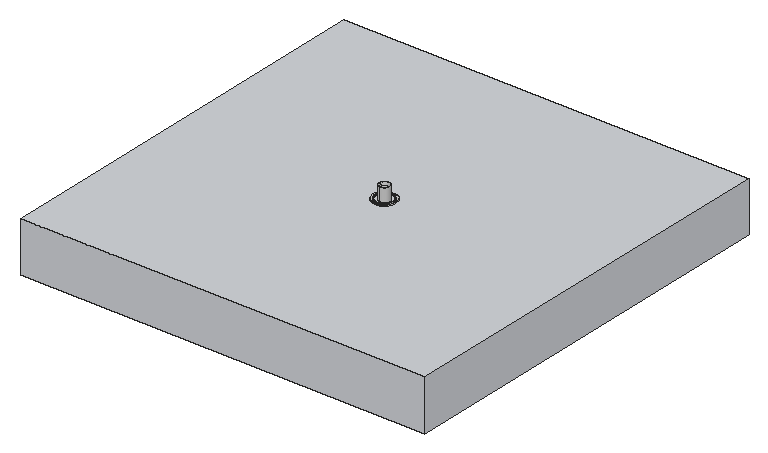
Revit family "LAMP_HANCE DOWNLIGHT SEMIRECESSED SPOT 1000_2000", category Modelos genéricos, Revit 2015
Parameters (values of type "710LM 4000K 1000 BLACK")
  Weight = 0.79 kg
  Aro 3000/4000 = no
  Aro 1000/2000 = yes
  Type = "COB PHILIPS"
  Tilting [instance] = if(Tilt < 0.00°, 180.00°, if(Tilt > 85.00°, 265.00°, Tilt + 180.00°))  # 180.00°
  Tilt [instance] = 0.00°
  Recessed diameter = 132 mm
  Protection rating = "IP20"
  Product datasheet = "http://www.lamp.es/product-files/TECH/HD1SR10SP840NBB-EN.pdf"
  Product code = "HD1SR10SP840NBB"
  Product URL = "https://www.lamp.es/en/family/hance-downlight_196363"
  Power Supply = "220-240V 50/60Hz"
  Power = 7 W
  Plum = 7.6 W
  Photometric web file = Cuerpo Hance BASE (tilting)_SP : 710LM 4000K 1000 BLACK
  Modelo = Product code  # "HD1SR10SP840NBB"
  Model explanation = "Availability of tilting between 0º and 85º when placed in a project."
  Material interior aro = LAMP_Aluminio Hance Negro
  Material aro = LAMP_Aluminio Hance Negro
  Manufacturer name = "LAMP"
  Manufacturer country = "Spain"
  Manufacturer URL = "http://www.lamp.es/en"
  MacAdam = "3"
  Luminaire type = "Indoor - Recessed downlight"
  Last update = "22/11/2019"
  Lamp = "COB LED"
  LED Lifetime = "50.000 L90 B10"
  Insulation class = "II"
  Installation instructions = "https://www.lamp.es/product-files/INS/1004410-B-INSTR.%20DE%20MONTAJE%20HANCE%20DOWNLIGHT.pdf"
  Initial intensity = 710 lm
  Initial color = 4000 K
  IEE = "A+"
  Gear = "Electronic"
  Finish = "Texturised white RAL 9010"
  Fabricante = Manufacturer name  # "LAMP"
  Default Elevation = 1219.2 mm
  Efficacy = 93.42 lm/W
  Radio aro exterior = 35.7 mm
  Diameter = 143 mm
  Descripción = "HANCE DOWN SEMIREC 1000 NW SP BK."
  Decorative ring [instance] = Aro decorativo (tilting) : Black
  Comentarios de tipo = Model explanation  # "Availability of tilting between 0º and 85º when placed in a project."
  CRI = "80"
Types (8, lengths in mm): name | Product datasheet | Product code | Power | Plum | Photometric web file | Modelo | Material aro | LED Lifetime | Initial intensity | Initial color | IEE | Finish | Efficacy | Descripción
  710LM 4000K 1000 BLACK | "http://www.lamp.es/product-files/TECH/HD1SR10SP840NBB-EN.pdf" | "HD1SR10SP840NBB" | 7 W | 7.6 W | Cuerpo Hance BASE (tilting)_SP : 710LM 4000K 1000 BLACK | "HD1SR10SP840NBB" | LAMP_Aluminio Hance Negro | "50.000 L90 B10" | 710 lm | 4000 K | "A+" | "Texturised white RAL 9010" | 93.42 lm/W | "HANCE DOWN SEMIREC 1000 NW SP BK."
  710LM 4000K 1000 WHITE | "http://www.lamp.es/product-files/TECH/HD1SR10SP840NBW-EN.pdf" | "HD1SR10SP840NBW" | 7 W | 7.6 W | Cuerpo Hance BASE (tilting)_SP : 710LM 4000K 1000 WHITE | "HD1SR10SP840NBW" | LAMP_Aluminio Hance Blanco | "50.000 L90 B10" | 710 lm | 4000 K | "A+" | "Texturised black RAL 9011" | 93.42 lm/W | "HANCE DOWN SEMIREC 1000 NW SP WH."
  773LM 3000K 1000 BLACK | "http://www.lamp.es/product-files/TECH/HD1SR10SP830NBB-EN.pdf" | "HD1SR10SP830NBB" | 7 W | 7.7 W | Cuerpo Hance BASE (tilting)_SP : 773LM 3000K 1000 BLACK | "HD1SR10SP830NBB" | LAMP_Aluminio Hance Negro | "50.000 L90 B10" | 773 lm | 3000 K | "A+" | "Texturised white RAL 9010" | 100.42 lm/W | "HANCE DOWN SEMIREC 1000 WW SP BK."
  773LM 3000K 1000 WHITE | "http://www.lamp.es/product-files/TECH/HD1SR10SP830NBW-EN.pdf" | "HD1SR10SP830NBW" | 7 W | 7.7 W | Cuerpo Hance BASE (tilting)_SP : 773LM 3000K 1000 WHITE | "HD1SR10SP830NBW" | LAMP_Aluminio Hance Blanco | "50.000 L90 B10" | 773 lm | 3000 K | "A+" | "Texturised black RAL 9011" | 100.42 lm/W | "HANCE DOWN SEMIREC 1000 WW SP WH."
  1644LM 4000K 2000 BLACK | "http://www.lamp.es/product-files/TECH/HD1SR20SP840NBB-EN.pdf" | "HD1SR20SP840NBB" | 18 W | 20.6 W | Cuerpo Hance BASE (tilting)_SP : 1644LM 4000K 2000 BLACK | "HD1SR20SP840NBB" | LAMP_Aluminio Hance Negro | "50.000 L80 B10" | 1644 lm | 4000 K | "A+" | "Texturised black RAL 9011" | 79.81 lm/W | "HANCE DOWN SEMIREC 2000 NW SP BK."
  1644LM 4000K 2000 WHITE | "http://www.lamp.es/product-files/TECH/HD1SR20SP840NBW-EN.pdf" | "HD1SR20SP840NBW" | 18 W | 20.6 W | Cuerpo Hance BASE (tilting)_SP : 1644LM 4000K 2000 WHITE | "HD1SR20SP840NBW" | LAMP_Aluminio Hance Blanco | "50.000 L80 B10" | 1644 lm | 4000 K | "A+" | "Texturised white RAL 9010" | 79.81 lm/W | "HANCE DOWN SEMIREC 2000 NW SP WH."
  1707LM 3000K 2000 BLACK | "http://www.lamp.es/product-files/TECH/HD1SR20SP830NBB-EN.pdf" | "HD1SR20SP830NBB" | 18 W | 20.7 W | Cuerpo Hance BASE (tilting)_SP : 1707LM 3000K 2000 BLACK | "HD1SR20SP830NBB" | LAMP_Aluminio Hance Negro | "50.000 L80 B10" | 1707 lm | 3000 K | "A" | "Texturised black RAL 9011" | 82.46 lm/W | "HANCE DOWN SEMIREC 2000 WW SP BK."
  1707LM 3000K 2000 WHITE | "http://www.lamp.es/product-files/TECH/HD1SR20SP830NBW-EN.pdf" | "HD1SR20SP830NBW" | 18 W | 20.7 W | Cuerpo Hance BASE (tilting)_SP : 1707LM 3000K 2000 WHITE | "HD1SR20SP830NBW" | LAMP_Aluminio Hance Blanco | "50.000 L80 B10" | 1707 lm | 3000 K | "A" | "Texturised white RAL 9010" | 82.46 lm/W | "HANCE DOWN SEMIREC 2000 WW SP WH."
Reference planes
  plane 1 "Centro (Frontal/Posterior)": y = 0
  plane 2: z = 0
  plane 3 "Centro (Izquierda/Derecha)": x = 0
Forms (mm)
  Extrusion 1, solid
    sketch origin (0, 0, 0) x (1, 0, 0) y (0, 1, 0)
      loop
        line (-1219.2, 1219.2) -> (-1219.2, -1219.2) -> (1219.2, -1219.2) -> (1219.2, 1219.2) -> (-1219.2, 1219.2)
    from 0 to -304.8
  Revolve 2, solid, material "LAMP_Aluminio Hance Negro" <- "Material aro"
    sketch origin (0, 0, 0) x (1, 0, 0) y (0, 0, 1)
      loop
        line (68.2, 0) -> (68.2, 1) -> (53.3, 1) -> (53.3, -38.896) -> (61.3, -38.896) -> (61.3, -37.896) -> (55.8, -37.896) -> (55.8, 0) -> (68.2, 0)
      axis (0, 1) -> (0, -38.896)
    angle from 0 to 360
  Revolve 3, solid, material "LAMP_Aluminio Hance Negro" <- "Material interior aro", visible <- "Aro 1000/2000"
    sketch origin (0, 0, 0) x (1, 0, 0) y (0, 0, 1)
      loop
        arc (51.874, -0.646) -> (51.598, -1.016) -> (51.498, -1.466) r 1.1
        arc (51.498, -1.466) -> (49.354, -17.889) -> (43.277, -33.297) r 67.535
        arc (43.277, -33.297) -> (42.922, -33.665) -> (42.43, -33.8) r 0.965
        line (42.43, -33.8) -> (0, -33.8) -> (0, -34.8) -> (42.43, -34.8)
        arc (42.43, -34.8) -> (42.922, -34.665) -> (43.277, -34.297) r 0.965
        arc (43.277, -34.297) -> (49.354, -18.889) -> (51.498, -2.466) r 67.535
        arc (51.498, -2.466) -> (51.598, -2.016) -> (51.874, -1.646) r 1.1
        arc (51.874, -1.646) -> (53.912, -0.425) -> (56.25, 0) r 6.641
        line (56.25, 0) -> (56.25, 1)
        arc (56.25, 1) -> (53.912, 0.575) -> (51.874, -0.646) r 6.641
      axis (0, 1) -> (0, -34.8)
    angle from 0 to 360
  Extrusion 4, void
    sketch origin (0, 0, 0) x (1, 0, 0) y (0, 1, 0)
      loop
        line (7.1, 33.5) -> (-7.105, 33.5)
        arc (-7.105, 33.5) -> (-40.605, 0) -> (-7.105, -33.5) r 33.5
        line (-7.105, -33.5) -> (7.1, -33.5)
        arc (7.1, -33.5) -> (40.6, 0) -> (7.1, 33.5) r 33.5
    from -41.216 to -28.478
Cuts and joins
  Extrusion 4 cuts Revolve 3
Text (mm)
  text "Any modification of the parameters and properties of the LAMP BIM models must be executed and validated by the LAMP technical department.\n\nPhone: +34 93 736 68 00\n\nE-mail: lamp@lamp.es\n\n\n\nLAMP reserves the right to modify the technical specifications of its products." at (39771.841, -40794.867, 40621.237), in view "Preview"
Dimensions and locks
  aligned and locked: plane 2 to Extrusion 1
  aligned and locked: level to Extrusion 1
Nested families
  nested 1: "Cuerpo Hance BASE (tilting)_SP" at (0, 1.967, 37.05), type <- "Photometric web file", type "710LM 4000K 1000 BLACK"
    with Tilting 180.00°
  nested 2: "Aro decorativo (tilting)" at (-27.9, 0, -17.52), type <- "Decorative ring", type "Black"
    with Tilting 0.00°
Connectors
  electrical at (-16.363, 0, -25.538)
    settings: on nested 1, index 1, voltage 230 V, apparent load 0 VA, apparent load phase1 0 VA, apparent load phase2 0 VA, apparent load phase3 0 VA, power factor 1, load classification "Otro", number of poles 1, system type 31, power factor state 1, is connector primary yes, connector utility no, sub classification motor no, connector description ""
Definition of nested family "Cuerpo Hance BASE (tilting)_SP"
  Parameters (values of type "710LM 4000K 1000 BLACK")
    Tilting = 90.00°
    Photometric web file = Cuerpo Hance BASE_SP : 710LM 4000K 1000 BLACK
    Longitud cuerpo = 100 mm
    Default Elevation = 1219.2 mm
  Types (17, lengths in mm): name | Photometric web file | Longitud cuerpo
    (no name) | Cuerpo Hance BASE_SP : 710LM 4000K 1000 BLACK | 100
    710LM 4000K 1000 BLACK | Cuerpo Hance BASE_SP : 710LM 4000K 1000 BLACK | 100
    710LM 4000K 1000 WHITE | Cuerpo Hance BASE_SP : 710LM 4000K 1000 WHITE | 100
    773LM 3000K 1000 BLACK | Cuerpo Hance BASE_SP : 773LM 3000K 1000 BLACK | 100
    773LM 3000K 1000 WHITE | Cuerpo Hance BASE_SP : 773LM 3000K 1000 WHITE | 100
    1644LM 4000K 2000 BLACK | Cuerpo Hance BASE_SP : 1644LM 4000K 2000 BLACK | 100
    1644LM 4000K 2000 WHITE | Cuerpo Hance BASE_SP : 1644LM 4000K 2000 WHITE | 100
    1707LM 3000K 2000 BLACK | Cuerpo Hance BASE_SP : 1707LM 3000K 2000 BLACK | 100
    1707LM 3000K 2000 WHITE | Cuerpo Hance BASE_SP : 1707LM 3000K 2000 WHITE | 100
    2656LM 4000K 3000 BLACK | Cuerpo Hance BASE_SP : 2656LM 4000K 3000 BLACK | 145
    2656LM 4000K 3000 WHITE | Cuerpo Hance BASE_SP : 2656LM 4000K 3000 WHITE | 145
    2788LM 3000K 3000 BLACK | Cuerpo Hance BASE_SP : 2788LM 3000K 3000 BLACK | 145
    2788LM 3000K 3000 WHITE | Cuerpo Hance BASE_SP : 2788LM 3000K 3000 WHITE | 145
    3518LM 4000K 4000 BLACK | Cuerpo Hance BASE_SP : 3518LM 4000K 4000 BLACK | 145
    3518LM 4000K 4000 WHITE | Cuerpo Hance BASE_SP : 3518LM 4000K 4000 WHITE | 145
    3660LM 3000K 4000 BLACK | Cuerpo Hance BASE_SP : 3660LM 3000K 4000 BLACK | 145
    3660LM 3000K 4000 WHITE | Cuerpo Hance BASE_SP : 3660LM 3000K 4000 WHITE | 145
  Reference planes
    plane 1 "Centro (Frontal/Posterior)": y = 0
    plane 2: z = 0
    plane 3 "Centro (Izquierda/Derecha)": x = 0
  Lines and regions (mm)
    reference lines
      curve 1: line (0, 0, 0) -> (200, 0, 0)
  Dimensions and locks
    "Tilting": angle plane 3 "Centro (Izquierda/Derecha)" to curve 1
    aligned and locked: level to plane 2
    aligned and locked: plane 3 "Centro (Izquierda/Derecha)" to curve 1
    aligned and locked: plane 2 to curve 1
  Nested families
    nested 1: "Cuerpo Hance BASE_SP" at (-21.588, -1.967, 27.875), type <- "Photometric web file", type "710LM 4000K 1000 BLACK"
  Definition of nested family "Cuerpo Hance BASE_SP"
    Parameters (values of type "710LM 4000K 1000 BLACK")
      Tilt Angle = 90.00° + Tilting  # 180.00°
      Wattage = 7.6 W
      Tilting = 90.00°
      built-in parameter 1150107 = 4000 (stored number, unit not read)
      Radio vacio posterior = Radio cuerpo - 2.2 mm  # 30.3 mm
      Radio vaciado = Radio cuerpo - 1.5 mm  # 31 mm
      Radio cuerpo = if(Longitud cuerpo = 145 mm, 45 mm, 32.5 mm)  # 32.5 mm
      built-in parameter 1150110 = 1 (stored number, unit not read)
      built-in parameter 1150109 = 1 (stored number, unit not read)
      built-in parameter 1150112 = 1 (stored number, unit not read)
      built-in parameter 1150113 = 1 (stored number, unit not read)
      built-in parameter 1114218 = 1 (stored number, unit not read)
      built-in parameter 1150137 = (empty or 0)
      built-in parameter 1150132 = 2
      Material reflector = none
      Material cuerpo = none
      Material COB = none
      Longitud cuerpo = 100 mm
      Long. origen luz = if(Longitud cuerpo = 100 mm, 20 mm, if(Longitud cuerpo = 170 mm, 55 mm, 90 mm))  # 20 mm
      L_3 = if(Ancho disipador posterior = 80.4 mm, 39.6 mm, 12 mm)  # 12 mm
      L_2 = if(Ancho disipador posterior = 80.4 mm, 36.3 mm, 22.6 mm)  # 22.6 mm
      L_1 = if(Ancho disipador posterior = 80.4 mm, 36.8 mm, 25.4 mm)  # 25.4 mm
      built-in parameter 1150105 = 56.487 (stored number, unit not read)
      built-in parameter 1150102 = (empty or 0)
      built-in parameter 1150106 = 0.56487 (stored number, unit not read)
      Lumens = 709.84 lm
      Color Filter = 16777215
      built-in parameter 1114217 = 1 (stored number, unit not read)
      built-in parameter 1150139 = (empty or 0)
      Default Elevation = 1219.2 mm
      built-in parameter 1150104 = 8.6771 (stored number, unit not read)
      Diametro aro = if(Radio cuerpo = 45 mm, 42.9 mm, 30.4 mm)  # 30.4 mm
      built-in parameter 1150115 = 1 (stored number, unit not read)
      built-in parameter 1150114 = 1 (stored number, unit not read)
      built-in parameter 1150138 = (empty or 0)
      built-in parameter 1150134 = 12
      Dimming Lamp Color Temperature Shift = (empty or 0)
      Photometric Web File = "HD1RE10SP840NBB.IES"
      Ancho vaciado reflector = if(Radio cuerpo = 45 mm, 34.4 mm, 21.9 mm)  # 21.9 mm
      Ancho reflector = if(Radio cuerpo = 45 mm, 35.4 mm, 22.9 mm)  # 22.9 mm
      Ancho disipador posterior = if(Radio cuerpo = 32.5 mm, 53 mm, 80.4 mm)  # 53 mm
      built-in parameter 1150133 = 10 (stored number, unit not read)
      Altura disipador superior = if(Radio cuerpo = 45 mm, 23.9 mm, 36.9 mm)  # 36.9 mm
      Ancho disipador superior = if(Radio cuerpo = 45 mm, 28 mm, 22.6 mm)  # 22.6 mm
    Types (16, lengths in mm): name | Wattage | built-in parameter 1150107 | Radio vacio posterior | Radio vaciado | Radio cuerpo | Longitud cuerpo | Long. origen luz | L_3 | L_2 | L_1 | built-in parameter 1150105 | built-in parameter 1150106 | Lumens | built-in parameter 1150104 | Diametro aro | built-in parameter 1150134 | Photometric Web File | Ancho vaciado reflector | Ancho reflector | Ancho disipador posterior | Altura disipador superior | Ancho disipador superior
      710LM 4000K 1000 BLACK | 7.6 W | 4000 (stored number, unit not read) | 30.3 | 31 | 32.5 | 100 | 20 | 12 | 22.6 | 25.4 | 56.487 (stored number, unit not read) | 0.56487 (stored number, unit not read) | 709.84 lm | 8.6771 (stored number, unit not read) | 30.4 | 12 | "HD1RE10SP840NBB.IES" | 21.9 | 22.9 | 53 | 36.9 | 22.6
      710LM 4000K 1000 WHITE | 7.6 W | 4000 (stored number, unit not read) | 30.3 | 31 | 32.5 | 100 | 20 | 12 | 22.6 | 25.4 | 4052.9 (stored number, unit not read) | 40.529 (stored number, unit not read) | 709.84 lm | 8.6771 (stored number, unit not read) | 30.4 | 12 | "HD1RE10SP840NBW.IES" | 21.9 | 22.9 | 53 | 36.9 | 22.6
      773LM 3000K 1000 BLACK | 7.7 W | 3000 (stored number, unit not read) | 30.3 | 31 | 32.5 | 100 | 20 | 12 | 22.6 | 25.4 | 4414.8 (stored number, unit not read) | 44.148 (stored number, unit not read) | 773.234 lm | 9.3293 (stored number, unit not read) | 30.4 | (empty or 0) | "HD1RE10SP830NBB.IES" | 21.9 | 22.9 | 53 | 36.9 | 22.6
      773LM 3000K 1000 WHITE | 7.7 W | 3000 (stored number, unit not read) | 30.3 | 31 | 32.5 | 100 | 20 | 12 | 22.6 | 25.4 | 4414.8 (stored number, unit not read) | 44.148 (stored number, unit not read) | 773.234 lm | 9.3293 (stored number, unit not read) | 30.4 | (empty or 0) | "HD1RE10SP830NBW.IES" | 21.9 | 22.9 | 53 | 36.9 | 22.6
      1644LM 4000K 2000 BLACK | 20.6 W | 4000 (stored number, unit not read) | 30.3 | 31 | 32.5 | 100 | 20 | 12 | 22.6 | 25.4 | 9386.9 (stored number, unit not read) | 93.869 (stored number, unit not read) | 1644.09 lm | 7.4146 (stored number, unit not read) | 30.4 | 12 | "HD1RE20SP840NBB.IES" | 21.9 | 22.9 | 53 | 36.9 | 22.6
      1644LM 4000K 2000 WHITE | 20.6 W | 4000 (stored number, unit not read) | 30.3 | 31 | 32.5 | 100 | 20 | 12 | 22.6 | 25.4 | 9386.9 (stored number, unit not read) | 93.869 (stored number, unit not read) | 1644.09 lm | 7.4146 (stored number, unit not read) | 30.4 | 12 | "HD1RE20SP840NBW.IES" | 21.9 | 22.9 | 53 | 36.9 | 22.6
      1707LM 3000K 2000 BLACK | 20.7 W | 3000 (stored number, unit not read) | 30.3 | 31 | 32.5 | 100 | 20 | 12 | 22.6 | 25.4 | 9500.4 (stored number, unit not read) | 95.004 (stored number, unit not read) | 1706.92 lm | 7.6608 (stored number, unit not read) | 30.4 | (empty or 0) | "HD1RE20SP830NBB.IES" | 21.9 | 22.9 | 53 | 36.9 | 22.6
      1707LM 3000K 2000 WHITE | 20.7 W | 3000 (stored number, unit not read) | 30.3 | 31 | 32.5 | 100 | 20 | 12 | 22.6 | 25.4 | 9500.4 (stored number, unit not read) | 95.004 (stored number, unit not read) | 1706.92 lm | 7.6608 (stored number, unit not read) | 30.4 | (empty or 0) | "HD1RE20SP830NBW.IES" | 21.9 | 22.9 | 53 | 36.9 | 22.6
      2656LM 4000K 3000 BLACK | 27.8 W | 4000 (stored number, unit not read) | 42.8 | 43.5 | 45 | 145 | 90 | 39.6 | 36.3 | 36.8 | 21509.2 (stored number, unit not read) | 215.09 (stored number, unit not read) | 2656.01 lm | 8.876 (stored number, unit not read) | 42.9 | 12 | "HD1RE30SP840NBB.IES" | 34.4 | 35.4 | 80.4 | 23.9 | 28
      2656LM 4000K 3000 WHITE | 27.8 W | 4000 (stored number, unit not read) | 42.8 | 43.5 | 45 | 145 | 90 | 39.6 | 36.3 | 36.8 | 21509.2 (stored number, unit not read) | 215.09 (stored number, unit not read) | 2656.01 lm | 8.876 (stored number, unit not read) | 42.9 | 12 | "HD1RE30SP840NBW.IES" | 34.4 | 35.4 | 80.4 | 23.9 | 28
      2788LM 3000K 3000 BLACK | 28.2 W | 3000 (stored number, unit not read) | 42.8 | 43.5 | 45 | 145 | 90 | 39.6 | 36.3 | 36.8 | 22576.9 (stored number, unit not read) | 225.77 (stored number, unit not read) | 2787.85 lm | 9.1844 (stored number, unit not read) | 42.9 | (empty or 0) | "HD1RE30SP830NBB.IES" | 34.4 | 35.4 | 80.4 | 23.9 | 28
      2788LM 3000K 3000 WHITE | 28.2 W | 3000 (stored number, unit not read) | 42.8 | 43.5 | 45 | 145 | 90 | 39.6 | 36.3 | 36.8 | 22576.9 (stored number, unit not read) | 225.77 (stored number, unit not read) | 2787.85 lm | 9.1844 (stored number, unit not read) | 42.9 | (empty or 0) | "HD1RE30SP830NBW.IES" | 34.4 | 35.4 | 80.4 | 23.9 | 28
      3518LM 4000K 4000 BLACK | 37.6 W | 4000 (stored number, unit not read) | 42.8 | 43.5 | 45 | 145 | 90 | 39.6 | 36.3 | 36.8 | 28485.6 (stored number, unit not read) | 284.86 (stored number, unit not read) | 3517.48 lm | 8.6911 (stored number, unit not read) | 42.9 | 12 | "HD1RE40SP830NBB.IES" | 34.4 | 35.4 | 80.4 | 23.9 | 28
      3518LM 4000K 4000 WHITE | 37.6 W | 4000 (stored number, unit not read) | 42.8 | 43.5 | 45 | 145 | 90 | 39.6 | 36.3 | 36.8 | 28485.6 (stored number, unit not read) | 284.86 (stored number, unit not read) | 3517.48 lm | 8.6911 (stored number, unit not read) | 42.9 | 12 | "HD1RE40SP830NBW.IES" | 34.4 | 35.4 | 80.4 | 23.9 | 28
      3660LM 3000K 4000 BLACK | 37.6 W | 3000 (stored number, unit not read) | 42.8 | 43.5 | 45 | 145 | 90 | 39.6 | 36.3 | 36.8 | 24069.5 (stored number, unit not read) | 240.7 (stored number, unit not read) | 3659.98 lm | 9.0432 (stored number, unit not read) | 42.9 | (empty or 0) | "HD1RE40SP840NBB.IES" | 34.4 | 35.4 | 80.4 | 23.9 | 28
      3660LM 3000K 4000 WHITE | 37.6 W | 3000 (stored number, unit not read) | 42.8 | 43.5 | 45 | 145 | 90 | 39.6 | 36.3 | 36.8 | 24069.5 (stored number, unit not read) | 240.7 (stored number, unit not read) | 3659.98 lm | 9.0432 (stored number, unit not read) | 42.9 | (empty or 0) | "HD1RE40SP840NBW.IES" | 34.4 | 35.4 | 80.4 | 23.9 | 28
    Reference planes
      plane 1 "Centro (Frontal/Posterior)": y = 0
      plane 2: z = 0
      plane 3 "Centro (Izquierda/Derecha)": x = 0
    Forms (mm)
      Extrusion 1, solid, material <- "Material cuerpo"
        sketch origin (0, 0, 0) x (0, -1, 0) y (0, 0, 1)
          loop
            circle (0, -27.875) r 32.5
        from -58 to 42
      Extrusion 2, void
        sketch origin (0, 0, 0) x (0, 1, 0) y (0, 0, 1)
          loop
            line (11.3, 30) -> (-11.3, 30) -> (-11.3, -6.9)
            arc (-11.3, -6.9) -> (0, -7.855) -> (11.3, -6.9) r 67.349
            line (11.3, -6.9) -> (11.3, 30)
        from -42 to 9.4
      Extrusion 3, void
        sketch origin (0, 0, 0) x (0, 1, 0) y (0, 0, 1)
          loop
            circle (0, -27.875) r 30.3
        from -42 to -41
      Extrusion 4, void
        sketch origin (0, 0, 0) x (0, 1, 0) y (0, 0, 1)
          loop
            line (26.5, -26.291) -> (-26.5, -26.291)
            arc (-26.5, -26.291) -> (-27.7, -27.491) -> (-26.5, -28.691) r 1.2
            line (-26.5, -28.691) -> (26.5, -28.691)
            arc (26.5, -28.691) -> (27.7, -27.491) -> (26.5, -26.291) r 1.2
          loop
            line (26.115, -30.891) -> (-26.115, -30.891)
            arc (-26.115, -30.891) -> (-27.315, -32.091) -> (-26.115, -33.291) r 1.2
            line (-26.115, -33.291) -> (26.115, -33.291)
            arc (26.115, -33.291) -> (27.315, -32.091) -> (26.115, -30.891) r 1.2
          loop
            line (25.4, -35.55) -> (-24.915, -35.55)
            arc (-24.915, -35.55) -> (-26.115, -36.75) -> (-24.915, -37.95) r 1.2
            line (-24.915, -37.95) -> (25.4, -37.95)
            arc (25.4, -37.95) -> (26.6, -36.75) -> (25.4, -35.55) r 1.2
          loop
            line (22.6, -40.091) -> (-22.64, -40.091)
            arc (-22.64, -40.091) -> (-23.84, -41.291) -> (-22.64, -42.491) r 1.2
            line (-22.64, -42.491) -> (22.6, -42.491)
            arc (22.6, -42.491) -> (23.8, -41.291) -> (22.6, -40.091) r 1.2
          loop
            line (19.043, -44.691) -> (-19.086, -44.691)
            arc (-19.086, -44.691) -> (-20.286, -45.891) -> (-19.086, -47.091) r 1.2
            line (-19.086, -47.091) -> (19.043, -47.091)
            arc (19.043, -47.091) -> (20.243, -45.891) -> (19.043, -44.691) r 1.2
          loop
            line (15.357, -49.291) -> (-15.5, -49.291)
            arc (-15.5, -49.291) -> (-16.6, -50.391) -> (-15.5, -51.491) r 1.1
            line (-15.5, -51.491) -> (15.357, -51.491)
            arc (15.357, -51.491) -> (16.457, -50.391) -> (15.357, -49.291) r 1.1
          loop
            line (6, -53.691) -> (-6, -53.691)
            arc (-6, -53.691) -> (-7.1, -54.791) -> (-6, -55.891) r 1.1
            line (-6, -55.891) -> (6, -55.891)
            arc (6, -55.891) -> (7.1, -54.791) -> (6, -53.691) r 1.1
        from -42 to -38.7
      Extrusion 5, void
        sketch origin (0, 0, 0) x (-1, 0, 0) y (0, -1, 0)
          loop
            line (37.7, -9.12) -> (37.7, 9.12)
            arc (37.7, 9.12) -> (36.6, 10.22) -> (35.5, 9.12) r 1.1
            line (35.5, 9.12) -> (35.5, -9.12)
            arc (35.5, -9.12) -> (36.6, -10.22) -> (37.7, -9.12) r 1.1
          loop
            line (28.9, -9.12) -> (28.9, 9.12)
            arc (28.9, 9.12) -> (27.8, 10.22) -> (26.7, 9.12) r 1.1
            line (26.7, 9.12) -> (26.7, -9.12)
            arc (26.7, -9.12) -> (27.8, -10.22) -> (28.9, -9.12) r 1.1
          loop
            line (20.1, -9.12) -> (20.1, 9.12)
            arc (20.1, 9.12) -> (19, 10.22) -> (17.9, 9.12) r 1.1
            line (17.9, 9.12) -> (17.9, -9.12)
            arc (17.9, -9.12) -> (19, -10.22) -> (20.1, -9.12) r 1.1
        from -51.491 to 30
      Extrusion 6, void
        sketch origin (0, 0, 0) x (-1, 0, 0) y (0, -1, 0)
          loop
            line (33.3, -9.12) -> (33.3, 9.12)
            arc (33.3, 9.12) -> (32.2, 10.22) -> (31.1, 9.12) r 1.1
            line (31.1, 9.12) -> (31.1, -9.12)
            arc (31.1, -9.12) -> (32.2, -10.22) -> (33.3, -9.12) r 1.1
          loop
            line (24.5, -9.12) -> (24.5, 9.12)
            arc (24.5, 9.12) -> (23.4, 10.22) -> (22.3, 9.12) r 1.1
            line (22.3, 9.12) -> (22.3, -9.12)
            arc (22.3, -9.12) -> (23.4, -10.22) -> (24.5, -9.12) r 1.1
        from -8.232 to 30
      Extrusion 7, void
        sketch origin (0, 0, 0) x (0, 1, 0) y (0, 0, 1)
          loop
            circle (0, -27.875) r 31
        from 17.213 to 58
      Revolve 8, solid, material <- "Material reflector"
        sketch origin (0, 0, 0) x (1, 0, 0) y (0, 0, 1)
          loop
            line (25.5, -27.875) -> (45.818, -27.875) -> (45.818, -4.975) -> (25.5, -19.875) -> (25.5, -27.875)
          axis (25.5, -27.875) -> (45.818, -27.875)
        angle from 0 to 360
      Revolve 9, void
        sketch origin (0, 0, 0) x (1, 0, 0) y (0, 0, 1)
          loop
            line (45.818, -5.975) -> (26.5, -20.142) -> (25.5, -20.142) -> (25.5, -27.875) -> (26.5, -27.875) -> (45.818, -27.875) -> (45.818, -5.975)
          axis (45.818, -27.875) -> (25.5, -27.875)
        angle from 0 to 360
      Extrusion 10, solid, material <- "Material COB"
        sketch origin (0, 0, 0) x (0, -1, 0) y (0, 0, 1)
          loop
            circle (0, -27.875) r 7.733
        from -26.5 to -25.5
    Cuts and joins
      Extrusion 2, Extrusion 3, Extrusion 4, Extrusion 5, Extrusion 6, Extrusion 7 cuts Extrusion 1
      Revolve 9 cuts Revolve 8
    Lines and regions (mm)
      reference lines
        curve 1: line (0, 0, 0) -> (178.042, 0, 0)
        curve 2: line (93, 0, -27.875) -> (113, 0, -27.875)
        curve 3: line (0, 0, 0) -> (0, 0, -75)
        curve 4: line (93, 0, -22.875) -> (93, 0, -32.875)
    Text (mm)
      text "Any modification of the parameters and properties of the LAMP BIM models must be executed and validated by the LAMP technical department.\n\nPhone: +34 93 736 68 00\n\nE-mail: lamp@lamp.es\n\n\n\nLAMP reserves the right to modify the technical specifications of its products." at (97482.136, -81600.41, 57308.082), in view "Preview"
    Dimensions and locks
      locked: Revolve 9 sketch curve to cut or joined group of Extrusion 1, Extrusion 2, Extrusion 3, Extrusion 4, Extrusion 5, Extrusion 6, Extrusion 7 at 12.182
      "Longitud cuerpo": cut or joined group of Extrusion 1, Extrusion 2, Extrusion 3, Extrusion 4, Extrusion 5, Extrusion 6, Extrusion 7 to cut or joined group of Extrusion 1, Extrusion 2, Extrusion 3, Extrusion 4, Extrusion 5, Extrusion 6, Extrusion 7
      locked: cut or joined group of Extrusion 1, Extrusion 2, Extrusion 3, Extrusion 4, Extrusion 5, Extrusion 6, Extrusion 7 to curve 3 at 42
      locked: cut or joined group of Revolve 8, Revolve 9 to cut or joined group of Extrusion 1, Extrusion 2, Extrusion 3, Extrusion 4, Extrusion 5, Extrusion 6, Extrusion 7 at 12.182
      locked: cut or joined group of Revolve 8, Revolve 9 to cut or joined group of Revolve 8, Revolve 9 at 20.318
      locked: cut or joined group of Extrusion 1, Extrusion 2, Extrusion 3, Extrusion 4, Extrusion 5, Extrusion 6, Extrusion 7 to Extrusion 10 at 31.5
      locked: Extrusion 10 to Extrusion 10 at 1
      "Long. origen luz": curve 4 to curve 2
      equal spacing: Extrusion 4 sketch curve, plane 1 "Centro (Frontal/Posterior)", Extrusion 4 sketch curve  (x2)
      "Ancho disipador posterior": Extrusion 4 sketch curve to Extrusion 4 sketch curve
      "L_1": Extrusion 4 sketch curve to plane 1 "Centro (Frontal/Posterior)"
      "L_2": Extrusion 4 sketch curve to curve 3
      "L_3": Extrusion 4 sketch curve to Extrusion 4 sketch curve
      equal spacing: Extrusion 2 sketch curve, plane 1 "Centro (Frontal/Posterior)", Extrusion 2 sketch curve
      "Ancho disipador superior": Extrusion 2 sketch curve to Extrusion 2 sketch curve
      "Altura disipador superior": Extrusion 2 sketch curve to Extrusion 2 sketch curve
      locked: plane 2 to Extrusion 2 sketch curve at 30
      "Ancho reflector": Revolve 8 sketch curve to imposter light
      "Ancho vaciado reflector": Revolve 9 sketch curve to imposter light
      "Radio cuerpo": radius of Extrusion 1 sketch curve
      "Radio vaciado": radius of Extrusion 7 sketch curve
      "Radio vacio posterior": radius of Extrusion 3 sketch curve
      "Tilting": angle plane 3 "Centro (Izquierda/Derecha)" to curve 1
      aligned and locked: level to plane 2
      aligned and locked: imposter light to curve 2  (x2)
      aligned and locked: cut or joined group of Extrusion 1, Extrusion 2, Extrusion 3, Extrusion 4, Extrusion 5, Extrusion 6, Extrusion 7 to cut or joined group of Extrusion 1, Extrusion 2, Extrusion 3, Extrusion 4, Extrusion 5, Extrusion 6, Extrusion 7
    Automatic sketch dimensions
      curve 1 to Extrusion 5 sketch curve = 17.9 mm
      Extrusion 5 sketch curve to Extrusion 5 sketch curve = 1.1 mm  (x3)
      Extrusion 5 sketch curve to Extrusion 5 sketch curve = 6.6 mm  (x2)
      Extrusion 5 sketch curve to curve 1 = 9.12 mm  (x2)
      Extrusion 5 sketch curve to Extrusion 5 sketch curve = 0 mm  (x3)
      curve 1 to Extrusion 5 sketch curve = 9.12 mm
      curve 1 to Extrusion 6 sketch curve = 22.3 mm
      Extrusion 6 sketch curve to Extrusion 6 sketch curve = 1.1 mm  (x2)
      Extrusion 6 sketch curve to Extrusion 6 sketch curve = 6.6 mm
      Extrusion 6 sketch curve to curve 1 = 9.12 mm
      Extrusion 6 sketch curve to Extrusion 6 sketch curve = 0 mm  (x2)
      curve 1 to Extrusion 6 sketch curve = 9.12 mm
      Extrusion 10 sketch curve to plane 1 "Centro (Frontal/Posterior)" = 0 mm
      Extrusion 1 sketch curve to plane 1 "Centro (Frontal/Posterior)" = 0 mm
      Extrusion 1 sketch curve to level = 27.875 mm
      Extrusion 2 sketch curve to plane 1 "Centro (Frontal/Posterior)" = 0 mm
      Extrusion 2 sketch curve to Extrusion 2 sketch curve = 29.494 mm
      Extrusion 3 sketch curve to plane 1 "Centro (Frontal/Posterior)" = 0 mm
      Extrusion 3 sketch curve to level = 27.875 mm
      Extrusion 4 sketch curve to Extrusion 4 sketch curve = 0.385 mm  (x2)
      Extrusion 4 sketch curve to Extrusion 4 sketch curve = 1.2 mm  (x6)
      Extrusion 4 sketch curve to Extrusion 4 sketch curve = 2.276 mm
      Extrusion 4 sketch curve to Extrusion 4 sketch curve = 3.554 mm
      Extrusion 4 sketch curve to Extrusion 4 sketch curve = 3.586 mm
      Extrusion 4 sketch curve to Extrusion 4 sketch curve = 9.357 mm
      Extrusion 4 sketch curve to Extrusion 4 sketch curve = 3.557 mm
      Extrusion 4 sketch curve to level = 55.891 mm
      Extrusion 4 sketch curve to Extrusion 4 sketch curve = 1.1 mm  (x2)
      Extrusion 4 sketch curve to Extrusion 4 sketch curve = 2.2 mm  (x4)
      Extrusion 4 sketch curve to Extrusion 4 sketch curve = 2.141 mm
      Extrusion 4 sketch curve to Extrusion 4 sketch curve = 2.259 mm
      Extrusion 7 sketch curve to plane 1 "Centro (Frontal/Posterior)" = 0 mm
      Extrusion 7 sketch curve to level = 27.875 mm
      curve 1 to Revolve 8 sketch curve = 25.5 mm
      Revolve 8 sketch curve to Revolve 8 sketch curve = 20.318 mm
      curve 1 to Revolve 8 sketch curve = 19.875 mm
      Revolve 8 sketch curve to Revolve 8 sketch curve = 8 mm
      Revolve 8 sketch curve to Revolve 8 sketch curve = 0 mm  (x2)
      Revolve 8 sketch curve to Revolve 8 sketch curve = 9.682 mm
      Revolve 9 sketch curve to Revolve 9 sketch curve = 19.318 mm
      Revolve 9 sketch curve to Revolve 9 sketch curve = 0 mm  (x3)
      Revolve 9 sketch curve to Revolve 9 sketch curve = 1 mm
      curve 1 to Revolve 9 sketch curve = 20.142 mm
      Revolve 9 sketch curve to Revolve 9 sketch curve = 7.733 mm
      Revolve 9 sketch curve to Revolve 9 sketch curve = 9.682 mm
      curve 1 to level = 0 mm
      curve 1 to plane 3 "Centro (Izquierda/Derecha)" = 0 mm
      curve 3 to curve 1 = 0 mm  (x2)
      curve 3 to curve 1 = 75 mm
      curve 1 to curve 4 = 32.875 mm
      curve 4 to curve 1 = 85.042 mm
      curve 4 to curve 2 = 5 mm
      curve 2 to curve 4 = 5 mm
      radius of Extrusion 10 sketch curve = 7.733 mm
Definition of nested family "Aro decorativo (tilting)"
  Parameters (values of type "Copper")
    Weight (3000/4000) = 0.016 kg
    Weight (1000/2000) = 0.01 kg
    Tilting = 90.00°
    Product datasheet = ""
    Product code (3000/4000) = "HSRI90C"
    Product code (1000/2000) = "HSRI65C"
    Product URL = ""
    Model = ""
    Material aro = none
    Manufacturer name = "LAMP"
    Manufacturer country = "Spain"
    Manufacturer URL = "http://www.lamp.es/en"
    Longitud = 63.6 mm
    Last update = "21/05/2018"
    Installation instructions = ""
    Finish = "Metalized matt copper"
    Manufacturer = Manufacturer name  # "LAMP"
    Default Elevation = 1219.2 mm
    Diameter (3000/4000) = 90 mm
    Diameter (1000/2000) = 65 mm
    Description = ""
    Accessory Type = "Optic"
    3000/4000 Model = "HSRI90C"
    3000/4000 Description = "HANCE 3000/4000 ACC. RING DECO CO."
    1000/2000 Model = "HSRI65C"
    1000/2000 Description = "HANCE 1000/2000 ACC. RING DECO CO."
  Types (5, lengths in mm): name | Product code (3000/4000) | Product code (1000/2000) | Finish | 3000/4000 Model | 3000/4000 Description | 1000/2000 Model | 1000/2000 Description
    (no name) | "HSRI90C" | "HSRI65C" | "Metalized matt copper" | "HSRI90C" | "HANCE 3000/4000 ACC. RING DECO CO." | "HSRI65C" | "HANCE 1000/2000 ACC. RING DECO CO."
    Black | "HSRI90B" | "HSRI65B" | "Matt black" | "HSRI90B" | "HANCE 3000/4000 ACC. RING DECO BK." | "HSRI65B" | "HANCE 1000/2000 ACC. RING DECO BK."
    Copper | "HSRI90C" | "HSRI65C" | "Metalized matt copper" | "HSRI90C" | "HANCE 3000/4000 ACC. RING DECO CO." | "HSRI65C" | "HANCE 1000/2000 ACC. RING DECO CO."
    Grey | "HSRI90M" | "HSRI65M" | "Metalized matt silver" | "HSRI90M" | "HANCE 3000/4000 ACC. RING DECO MET." | "HSRI65M" | "HANCE 1000/2000 ACC. RING DECO MET."
    White | "HSRI90W" | "HSRI65W" | "Matt White" | "HSRI90W" | "HANCE 3000/4000 ACC. RING DECO WH." | "HSRI65W" | "HANCE 1000/2000 ACC. RING DECO WH."
  Reference planes
    plane 1 "Centro (Frontal/Posterior)": y = 0
    plane 2: z = 0
    plane 3 "Centro (Izquierda/Derecha)": x = 0
  Lines and regions (mm)
    reference lines
      curve 1: line (0, 0, 0) -> (0, 0, -27.9)
      curve 2: line (0, 0, -27.9) -> (80.8, 0, -27.9)
  Text (mm)
    text "Any modification of the parameters and properties of the LAMP BIM models must be executed and validated by the LAMP technical department.\n\nPhone: +34 93 736 68 00\n\nE-mail: lamp@lamp.es\n\n\n\nLAMP reserves the right to modify the technical specifications of its products." at (86527.204, -96597.187, 50741.736), in view "Preview"
  Dimensions and locks
    "Tilting": angle curve 1 to plane 2
    aligned and locked: level to plane 2
    aligned and locked: plane 3 "Centro (Izquierda/Derecha)" to curve 1
    aligned and locked: plane 2 to curve 1
  Automatic sketch dimensions
    curve 2 to curve 1 = 0 mm
    curve 1 to curve 2 = 0 mm
    curve 1 to curve 2 = 80.8 mm
  Nested families
    nested 1: "Aro decorativo" at (17.2, 0, 0), type "Copper"
  Definition of nested family "Aro decorativo"
    Parameters (values of type "Copper")
      Weight (3000/4000) = 0.016 kg
      Weight (1000/2000) = 0.01 kg
      Product datasheet = ""
      Product code (3000/4000) = "HSRI90C"
      Product code (1000/2000) = "HSRI65C"
      Product URL = ""
      Model = ""
      Material aro = none
      Manufacturer name = "LAMP"
      Manufacturer country = "Spain"
      Manufacturer URL = "http://www.lamp.es/en"
      Longitud = 63.6 mm
      Last update = "21/05/2018"
      Installation instructions = ""
      Finish = "Metalized matt copper"
      Manufacturer = Manufacturer name  # "LAMP"
      Default Elevation = 1219.2 mm
      Diametro vaciado aro interior = if(Diametro aro interior = 35.4 mm, 34.4 mm, 21.9 mm)  # 21.9 mm
      Diametro vaciado aro exterior = if(Diametro aro exterior = 42.9 mm, 41.9 mm, 29.4 mm)  # 29.4 mm
      Diametro aro interior = if(Diametro aro exterior = 42.9 mm, 35.4 mm, 22.9 mm)  # 22.9 mm
      Diametro aro exterior = if(Longitud = 138.6 mm, 42.9 mm, 30.4 mm)  # 30.4 mm
      Diameter (3000/4000) = 90 mm
      Diameter (1000/2000) = 65 mm
      Description = ""
      Accessory Type = "Optic"
      3000/4000 Model = "HSRI90C"
      3000/4000 Description = "HANCE 3000/4000 ACC. RING DECO CO."
      1000/2000 Description = "HANCE 1000/2000 ACC. RING DECO CO."
      1000/2000 Model = "HSRI65C"
    Types (5, lengths in mm): name | Product code (3000/4000) | Product code (1000/2000) | Finish | 3000/4000 Model | 3000/4000 Description | 1000/2000 Description | 1000/2000 Model
      (no name) | "HSRI90C" | "HSRI65C" | "Metalized matt copper" | "HSRI90C" | "HANCE 3000/4000 ACC. RING DECO CO." | "HANCE 1000/2000 ACC. RING DECO CO." | "HSRI65C"
      Black | "HSRI90B" | "HSRI65B" | "Matt black" | "HSRI90B" | "HANCE 3000/4000 ACC. RING DECO BK." | "HANCE 1000/2000 ACC. RING DECO BK." | "HSRI65B"
      Copper | "HSRI90C" | "HSRI65C" | "Metalized matt copper" | "HSRI90C" | "HANCE 3000/4000 ACC. RING DECO CO." | "HANCE 1000/2000 ACC. RING DECO CO." | "HSRI65C"
      Grey | "HSRI90M" | "HSRI65M" | "Metalized matt silver" | "HSRI90M" | "HANCE 3000/4000 ACC. RING DECO MET." | "HANCE 1000/2000 ACC. RING DECO MET." | "HSRI65M"
      White | "HSRI90W" | "HSRI65W" | "Matt white" | "HSRI90W" | "HANCE 3000/4000 ACC. RING DECO WH." | "HANCE 1000/2000 ACC. RING DECO WH." | "HSRI65W"
    Reference planes
      plane 1 "Centro (Frontal/Posterior)": y = 0
      plane 2: z = 0
      plane 3 "Centro (Izquierda/Derecha)": x = 0
    Forms (mm)
      Revolve 1, solid, material <- "Material aro"
        sketch origin (0, 0, -27.9) x (1, 0, 0) y (0, 0, 1)
          loop
            line (63.6, 0) -> (73.782, 0) -> (73.782, 30.4) -> (63.6, 22.9) -> (63.6, 0)
          axis (73.782, 0) -> (63.6, 0)
        angle from 0 to 360
      Revolve 2, void
        sketch origin (0, 0, -27.9) x (1, 0, 0) y (0, 0, 1)
          loop
            line (73.782, 29.4) -> (63.6, 21.9) -> (63.6, 0) -> (73.782, 0) -> (73.782, 29.4)
          axis (63.6, 0) -> (73.782, 0)
        angle from 0 to 360
    Cuts and joins
      Revolve 2 cuts Revolve 1
    Lines and regions (mm)
      reference lines
        curve 1: line (0, 0, -27.9) -> (63.6, 0, -27.9)
    Text (mm)
      text "Any modification of the parameters and properties of the LAMP BIM models must be executed and validated by the LAMP technical department.\n\nPhone: +34 93 736 68 00\n\nE-mail: lamp@lamp.es\n\n\n\nLAMP reserves the right to modify the technical specifications of its products." at (91886.357, -93022.329, 47898.266), in view "Preview"
    Dimensions and locks
      "Diametro aro exterior": Revolve 1 sketch curve to Revolve 1 sketch curve
      "Diametro vaciado aro exterior": Revolve 2 sketch curve to Revolve 2 sketch curve
      "Longitud": curve 1 to plane 3 "Centro (Izquierda/Derecha)"
      "Diametro aro interior": Revolve 1 sketch curve to Revolve 1 sketch curve
      "Diametro vaciado aro interior": Revolve 2 sketch curve to Revolve 2 sketch curve
      aligned and locked: level to plane 2
    Automatic sketch dimensions
      Revolve 1 sketch curve to curve 1 = 0 mm  (x4)
      curve 1 to Revolve 1 sketch curve = 10.182 mm
      Revolve 1 sketch curve to Revolve 1 sketch curve = 0 mm
      Revolve 2 sketch curve to curve 1 = 0 mm  (x3)
      curve 1 to Revolve 2 sketch curve = 10.182 mm
      Revolve 2 sketch curve to curve 1 = 1261.008 mm
      Revolve 2 sketch curve to Revolve 2 sketch curve = 1898.983 mm
      curve 1 to plane 3 "Centro (Izquierda/Derecha)" = 0 mm
      curve 1 to level = 27.9 mm
